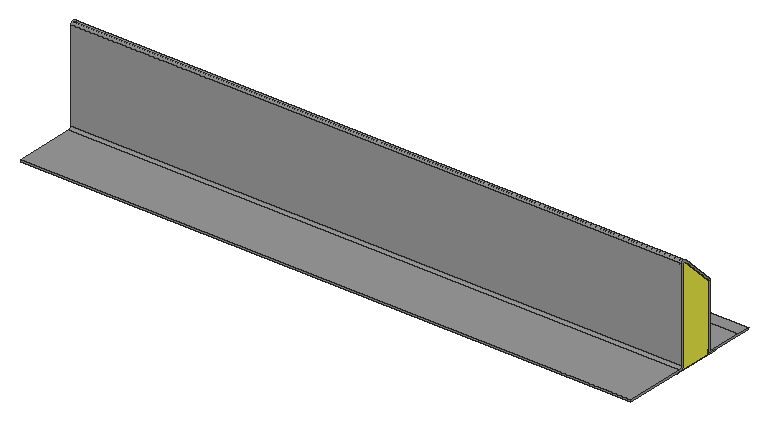
Revit family "HD K 70 WIL", category Generic Models, Revit 2014
Parameters (values of type "Max lintel length 2700mm")
  URL = "http://www.keystonelintels.co.uk"
  Structural Opening [instance] = 900 mm
  Structural Performance = "The Keystone lintel range has safe working loads as detailed in each applicable loading table in the Keystone Lintel Guide brochure. The structural performance figures within each table have been ascertained by testing in accordance with the requirements of standards BS EN 5977-2: 1983 and BS EN 845-2: 2003."
  RIBA Productor Selector = "available for Keystone Lintels Ltd from Keystone Lintels Ltd from ribaproductselector.com"
  Model = "HD/K 70 WIL"
  Min Length = 600 mm
  Min Clear Span = 300 mm
  Max Length = 2700 mm
  Max Clear Span = 2700 mm
  Material - Stainless Steel = "Grade 304 2b 1.4307 to BS EN 10088-2. Other grades available on request: contact manufacturer."
  Material - Galvanised Steel = "To BS EN 10346: 2009. DX51D plus Z600 or grade Z275 to BS 5977-2: 1983 (BS EN 845-2: 2003)."
  Manufacturer = "Keystone"
  Manufactured Length [instance] = (roundup(Effective Length / 150 mm) * 150 mm)  # 1200 mm
  Lintel height [instance] = 2100 mm
  Keynote = "F30/755"
  Fire Performance = "Keystone lintels have been subjected to a fire test (WARRES No. 101263) in accordance with BS 476-20: 1987, at Exova Warrington Fire and achieved a one hour fire performance."
  End Bearing = 150 mm
  Effective Length [instance] = Clear Opening with MIN MAX set + End Bearing * 2  # 1200 mm
  Corrosion = "Keystone’s standard range of lintels are manufactured from high quality grade pre-galvanized carbon steel with a zinc coating of 600"
  Contact Tel = "+44 (0)28 8676 2184"
  Contact Email = "info@keystonelintels.co.uk"
  Clear Opening with MIN MAX set [instance] = if(Structural Opening < Min Clear Span, Min Clear Span, (if(Structural Opening > Max Clear Span, Max Clear Span, Structural Opening)))  # 900 mm
  CPD Information = "Available for Keystone Lintels Ltd from ribacpd.com"
Reference planes
  plane 1 "Center (Front/Back)": y = 0
  plane 2: z = 0
  plane 3 "Center (Left/Right)": x = 0
  plane 4: x = -600
  plane 5: x = 600
  plane 6: z = 2100
  plane 7: x = -450
  plane 8: x = 450
Forms (mm)
  Extrusion 1, solid, material "Steel"
    sketch origin (0, 700.572, -514.723) x (0, 1, 0) y (0, 0, 1)
      loop
        arc (-671.186, 2622.923) -> (-668.784, 2617.125) -> (-662.986, 2614.723) r 8.2
        line (-662.986, 2614.723) -> (-598.042, 2614.723) -> (-573.098, 2613.851) -> (-572.986, 2617.049) -> (-597.986, 2617.923) -> (-662.986, 2617.923)
        arc (-662.986, 2617.923) -> (-666.522, 2619.387) -> (-667.986, 2622.923) r 5
        line (-667.986, 2622.923) -> (-667.987, 2743.96)
        arc (-667.987, 2743.96) -> (-668.383, 2745.95) -> (-669.51, 2747.637) r 5.2
        line (-669.51, 2747.637) -> (-727.109, 2805.236)
        arc (-727.109, 2805.236) -> (-732.776, 2806.364) -> (-735.986, 2801.559) r 5.2
        line (-735.986, 2801.559) -> (-735.986, 2622.923)
        arc (-735.986, 2622.923) -> (-737.451, 2619.387) -> (-740.986, 2617.923) r 5
        line (-740.986, 2617.923) -> (-860.986, 2617.923) -> (-860.986, 2614.723) -> (-740.986, 2614.723)
        arc (-740.986, 2614.723) -> (-735.188, 2617.125) -> (-732.786, 2622.923) r 8.2
        line (-732.786, 2622.923) -> (-732.786, 2801.559)
        arc (-732.786, 2801.559) -> (-731.552, 2803.407) -> (-729.372, 2802.974) r 2
        line (-729.372, 2802.974) -> (-671.773, 2745.375)
        arc (-671.773, 2745.375) -> (-671.339, 2744.726) -> (-671.187, 2743.96) r 2
        line (-671.187, 2743.96) -> (-671.186, 2622.923)
    from -600 to 600
  Extrusion 2, solid, material "Insulation"
    sketch origin (0, 700.572, -514.723) x (0, 1, 0) y (0, 0, 1)
      loop
        arc (-662.986, 2614.723) -> (-668.784, 2617.125) -> (-671.186, 2622.923) r 8.2
        line (-671.186, 2622.923) -> (-671.187, 2743.96)
        arc (-671.187, 2743.96) -> (-671.339, 2744.726) -> (-671.773, 2745.375) r 2
        line (-671.773, 2745.375) -> (-729.372, 2802.974)
        arc (-729.372, 2802.974) -> (-731.552, 2803.407) -> (-732.786, 2801.559) r 2
        line (-732.786, 2801.559) -> (-732.786, 2622.923)
        arc (-732.786, 2622.923) -> (-735.188, 2617.125) -> (-740.986, 2614.723) r 8.2
        line (-740.986, 2614.723) -> (-672.486, 2614.723) -> (-672.486, 2622.723) -> (-671.486, 2622.723) -> (-671.486, 2614.723) -> (-662.986, 2614.723)
    from -600 to 600
  Extrusion 3, solid, material "Steel"
    sketch origin (0, 700.572, -514.723) x (0, 1, 0) y (0, 0, 1)
      loop
        line (-654.486, 2613.723) -> (-654.486, 2614.723) -> (-671.486, 2614.723) -> (-671.486, 2622.723) -> (-672.486, 2622.723) -> (-672.486, 2614.723) -> (-749.486, 2614.723) -> (-749.486, 2613.723) -> (-654.486, 2613.723)
    from -600 to 600
  Extrusion 4, solid, not visible
    sketch origin (0, 1065.801, 1248.53) x (0, 1, 0) y (0, 0, 1)
      loop
        arc (-671.186, 1022.923) -> (-668.784, 1017.125) -> (-662.986, 1014.723) r 8.2
        line (-662.986, 1014.723) -> (-598.042, 1014.723) -> (-573.098, 1013.851) -> (-572.986, 1017.049) -> (-597.986, 1017.923) -> (-662.986, 1017.923)
        arc (-662.986, 1017.923) -> (-666.522, 1019.387) -> (-667.986, 1022.923) r 5
        line (-667.986, 1022.923) -> (-667.987, 1143.96)
        arc (-667.987, 1143.96) -> (-668.383, 1145.95) -> (-669.51, 1147.637) r 5.2
        line (-669.51, 1147.637) -> (-727.109, 1205.236)
        arc (-727.109, 1205.236) -> (-732.776, 1206.364) -> (-735.986, 1201.559) r 5.2
        line (-735.986, 1201.559) -> (-735.986, 1022.923)
        arc (-735.986, 1022.923) -> (-737.451, 1019.387) -> (-740.986, 1017.923) r 5
        line (-740.986, 1017.923) -> (-860.986, 1017.923) -> (-860.986, 1014.723) -> (-740.986, 1014.723)
        arc (-740.986, 1014.723) -> (-735.188, 1017.125) -> (-732.786, 1022.923) r 8.2
        line (-732.786, 1022.923) -> (-732.786, 1201.559)
        arc (-732.786, 1201.559) -> (-731.552, 1203.407) -> (-729.372, 1202.974) r 2
        line (-729.372, 1202.974) -> (-671.773, 1145.375)
        arc (-671.773, 1145.375) -> (-671.339, 1144.726) -> (-671.187, 1143.96) r 2
        line (-671.187, 1143.96) -> (-671.186, 1022.923)
    from 0 to 250
  Extrusion 5, solid, not visible
    sketch origin (0, 591.235, 1199.541) x (0, 1, 0) y (0, 0, 1)
      loop
        arc (-662.986, 1014.723) -> (-668.784, 1017.125) -> (-671.186, 1022.923) r 8.2
        line (-671.186, 1022.923) -> (-671.187, 1143.96)
        arc (-671.187, 1143.96) -> (-671.339, 1144.726) -> (-671.773, 1145.375) r 2
        line (-671.773, 1145.375) -> (-729.372, 1202.974)
        arc (-729.372, 1202.974) -> (-731.552, 1203.407) -> (-732.786, 1201.559) r 2
        line (-732.786, 1201.559) -> (-732.786, 1022.923)
        arc (-732.786, 1022.923) -> (-735.188, 1017.125) -> (-740.986, 1014.723) r 8.2
        line (-740.986, 1014.723) -> (-672.486, 1014.723) -> (-672.486, 1022.723) -> (-671.486, 1022.723) -> (-671.486, 1014.723) -> (-662.986, 1014.723)
    from 0 to 250
  Extrusion 6, solid, not visible
    sketch origin (0, 911.141, 998.926) x (0, 1, 0) y (0, 0, 1)
      loop
        line (-654.486, 1013.723) -> (-654.486, 1014.723) -> (-671.486, 1014.723) -> (-671.486, 1022.723) -> (-672.486, 1022.723) -> (-672.486, 1014.723) -> (-749.486, 1014.723) -> (-749.486, 1013.723) -> (-654.486, 1013.723)
    from 0 to 250
Dimensions and locks
  equal spacing: plane 4, plane 3 "Center (Left/Right)", plane 5
  "Manufactured Length": plane 4 to plane 5
  "Lintel height": plane 6 to level
  "Structural Opening": plane 7 to plane 8
  equal spacing: plane 7, plane 3 "Center (Left/Right)", plane 8
  aligned and locked: level to plane 2
  aligned and locked: Extrusion 1 to plane 6
  aligned and locked: Extrusion 2 to plane 6
  aligned and locked: Extrusion 2 to Extrusion 3
  aligned and locked: plane 5 to Extrusion 1
  aligned and locked: Extrusion 1 to plane 4
  aligned and locked: plane 5 to Extrusion 3
  aligned and locked: Extrusion 3 to plane 4
  aligned and locked: plane 5 to Extrusion 2
  aligned and locked: Extrusion 2 to plane 4
Automatic sketch dimensions
  Extrusion 1 sketch curve to Extrusion 1 sketch curve = 24.944 mm
  Extrusion 1 sketch curve to Extrusion 1 sketch curve = 0.112 mm
  Extrusion 1 sketch curve to Extrusion 1 sketch curve = 3.198 mm
  Extrusion 1 sketch curve to Extrusion 1 sketch curve = 0.056 mm
  Extrusion 1 sketch curve to Extrusion 1 sketch curve = 8.2 mm
  Extrusion 1 sketch curve to Extrusion 1 sketch curve = 0 mm  (x18)
  Extrusion 1 sketch curve to Extrusion 1 sketch curve = 3.2 mm  (x2)
  Extrusion 1 sketch curve to Extrusion 1 sketch curve = 64.944 mm
  Extrusion 1 sketch curve to Extrusion 1 sketch curve = 0.001 mm
  Extrusion 1 sketch curve to Extrusion 1 sketch curve = 121.038 mm
  Extrusion 1 sketch curve to Extrusion 1 sketch curve = 2 mm
  Extrusion 1 sketch curve to Extrusion 1 sketch curve = 0.586 mm
  Extrusion 1 sketch curve to Extrusion 1 sketch curve = 2.263 mm  (x3)
  Extrusion 1 sketch curve to Extrusion 1 sketch curve = 57.599 mm  (x2)
  Extrusion 1 sketch curve to Extrusion 1 sketch curve = 1.414 mm  (x2)
  Extrusion 1 sketch curve to Extrusion 1 sketch curve = 5 mm
  Extrusion 1 sketch curve to Extrusion 1 sketch curve = 120 mm
  Extrusion 2 sketch curve to Extrusion 2 sketch curve = 8.2 mm  (x2)
  Extrusion 2 sketch curve to Extrusion 2 sketch curve = 2 mm
  Extrusion 2 sketch curve to Extrusion 2 sketch curve = 1.414 mm  (x3)
  Extrusion 2 sketch curve to Extrusion 2 sketch curve = 57.599 mm  (x2)
  Extrusion 2 sketch curve to Extrusion 2 sketch curve = 60.3 mm
  Extrusion 2 sketch curve to Extrusion 2 sketch curve = 1 mm
  Extrusion 2 sketch curve to Extrusion 2 sketch curve = 0.586 mm
  Extrusion 2 sketch curve to Extrusion 2 sketch curve = 0.3 mm
  Extrusion 2 sketch curve to Extrusion 2 sketch curve = 0 mm
  Extrusion 2 sketch curve to Extrusion 2 sketch curve = 0.2 mm
  Extrusion 2 sketch curve to Extrusion 2 sketch curve = 121.038 mm
  Extrusion 3 sketch curve to Extrusion 3 sketch curve = 95 mm
  Extrusion 3 sketch curve to Extrusion 3 sketch curve = 1 mm  (x2)
  Extrusion 3 sketch curve to Extrusion 3 sketch curve = 17 mm
  Extrusion 3 sketch curve to Extrusion 3 sketch curve = 8 mm
  Extrusion 3 sketch curve to Extrusion 3 sketch curve = 0 mm
  Extrusion 4 sketch curve to Extrusion 4 sketch curve = 24.944 mm
  Extrusion 4 sketch curve to Extrusion 4 sketch curve = 0.112 mm
  Extrusion 4 sketch curve to Extrusion 4 sketch curve = 3.198 mm
  Extrusion 4 sketch curve to Extrusion 4 sketch curve = 0.056 mm
  Extrusion 4 sketch curve to Extrusion 4 sketch curve = 8.2 mm
  Extrusion 4 sketch curve to Extrusion 4 sketch curve = 0 mm  (x18)
  Extrusion 4 sketch curve to Extrusion 4 sketch curve = 3.2 mm  (x2)
  Extrusion 4 sketch curve to Extrusion 4 sketch curve = 64.944 mm
  Extrusion 4 sketch curve to Extrusion 4 sketch curve = 0.001 mm
  Extrusion 4 sketch curve to Extrusion 4 sketch curve = 121.038 mm
  Extrusion 4 sketch curve to Extrusion 4 sketch curve = 2 mm
  Extrusion 4 sketch curve to Extrusion 4 sketch curve = 0.586 mm
  Extrusion 4 sketch curve to Extrusion 4 sketch curve = 2.263 mm  (x3)
  Extrusion 4 sketch curve to Extrusion 4 sketch curve = 57.599 mm  (x2)
  Extrusion 4 sketch curve to Extrusion 4 sketch curve = 1.414 mm  (x2)
  Extrusion 4 sketch curve to Extrusion 4 sketch curve = 5 mm
  Extrusion 4 sketch curve to Extrusion 4 sketch curve = 120 mm
  Extrusion 2 sketch curve to Extrusion 2 sketch curve = 8 mm
  Extrusion 5 sketch curve to Extrusion 5 sketch curve = 8.2 mm  (x2)
  Extrusion 5 sketch curve to Extrusion 5 sketch curve = 2 mm
  Extrusion 5 sketch curve to Extrusion 5 sketch curve = 1.414 mm  (x3)
  Extrusion 5 sketch curve to Extrusion 5 sketch curve = 57.599 mm  (x2)
  Extrusion 5 sketch curve to Extrusion 5 sketch curve = 60.3 mm
  Extrusion 5 sketch curve to Extrusion 5 sketch curve = 1 mm
  Extrusion 5 sketch curve to Extrusion 5 sketch curve = 0.586 mm
  Extrusion 5 sketch curve to Extrusion 5 sketch curve = 0.3 mm
  Extrusion 5 sketch curve to Extrusion 5 sketch curve = 0 mm
  Extrusion 5 sketch curve to Extrusion 5 sketch curve = 0.2 mm
  Extrusion 5 sketch curve to Extrusion 5 sketch curve = 121.038 mm
  Extrusion 5 sketch curve to Extrusion 5 sketch curve = 8 mm
  Extrusion 6 sketch curve to Extrusion 6 sketch curve = 95 mm
  Extrusion 6 sketch curve to Extrusion 6 sketch curve = 1 mm  (x2)
  Extrusion 6 sketch curve to Extrusion 6 sketch curve = 17 mm
  Extrusion 6 sketch curve to Extrusion 6 sketch curve = 8 mm
  Extrusion 6 sketch curve to Extrusion 6 sketch curve = 0 mm
  Extrusion 1 sketch curve to plane 6 = 0 mm
  plane 1 "Center (Front/Back)" to Extrusion 1 sketch curve = 160.414 mm
  Extrusion 3 sketch curve to plane 6 = 0 mm
  plane 1 "Center (Front/Back)" to Extrusion 3 sketch curve = 48.914 mm
  Extrusion 2 sketch curve to plane 6 = 0 mm
  plane 1 "Center (Front/Back)" to Extrusion 2 sketch curve = 40.414 mm
